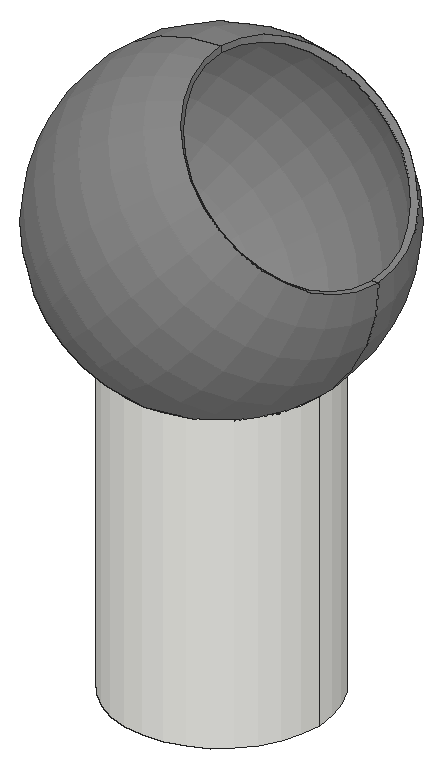
Revit family
Parameters (values of type "175 watt Metal Halide ")
  Wattage = 106.031 W
  built-in parameter 1150110 = 1 (stored number, unit not read)
  built-in parameter 1114217 = 1 (stored number, unit not read)
  built-in parameter 1150109 = 1 (stored number, unit not read)
  built-in parameter 1150134 = 3
  built-in parameter 1150113 = 1 (stored number, unit not read)
  built-in parameter 1150105 = 1253.3 (stored number, unit not read)
  built-in parameter 1150115 = 1 (stored number, unit not read)
  Light Source Symbol Size = 609.6 mm
  built-in parameter 1150137 = (empty or 0)
  built-in parameter 1150139 = (empty or 0)
  built-in parameter 1150112 = 1 (stored number, unit not read)
  built-in parameter 1150114 = 1 (stored number, unit not read)
  Lamp = "BT-28"
  Lumens = 15750 lm
  Material Shade = Metal - Paint Finish - Dark Gray,Matte
  Material Stand = Metal - Paint Finish - Ivory,Glossy
  Wattage Comments = "175"
  Keynote = "V"
  built-in parameter 1150132 = 2
  built-in parameter 1150102 = (empty or 0)
  built-in parameter 1150107 = 3200 (stored number, unit not read)
  built-in parameter 1150138 = (empty or 0)
  built-in parameter 1150106 = 12.533 (stored number, unit not read)
  built-in parameter 1150104 = 13.8 (stored number, unit not read)
  Dimming Lamp Color Temperature Shift = (empty or 0)
  Color Filter = 16777215
  built-in parameter 1114218 = 1 (stored number, unit not read)
  built-in parameter 1150133 = 10 (stored number, unit not read)
Types (3, lengths in mm): name | Wattage | built-in parameter 1150105 | Lamp | Lumens | Material Shade | Wattage Comments | built-in parameter 1150106
  (no name) | 106.031 W | 1253.3 (stored number, unit not read) | "BT-28" | 15750 lm | Metal - Paint Finish - Dark Gray,Matte | "175" | 12.533 (stored number, unit not read)
  300 watt Incandescent | 36.3534 W | 429.72 (stored number, unit not read) | "PS-30" | 5400 lm | Metal - Paint Finish - Ivory,Glossy | "300" | 4.2972 (stored number, unit not read)
  175 watt Metal Halide | 106.031 W | 1253.3 (stored number, unit not read) | "BT-28" | 15750 lm | Metal - Paint Finish - Dark Gray,Matte | "175" | 12.533 (stored number, unit not read)
Reference planes
  plane 1 "Light Source Axis": y = 0
  plane 2: z = 0
  plane 3 "Light Source Axis": x = 0
  plane 4 "Light Source Elevation": z = 431.8
Forms (mm)
  Extrusion 1, solid, material "Metal - Paint Finish - Ivory,Glossy" <- "Material Stand"
    sketch origin (0, 0, 0) x (1, 0, 0) y (0, 1, 0)
      loop
        circle (0, 0) r 101.6
      loop
        circle (0, 0) r 76.2
    from 0 to 304.8
  Revolve 2, solid, material "Metal - Paint Finish - Dark Gray,Matte" <- "Material Shade"
    sketch origin (0, 0, 0) x (1, 0, 0) y (0, 0, 1)
      loop
        arc (0, 594.439) -> (-150.259, 494.039) -> (-115.003, 316.797) r 162.639
        line (-115.003, 316.797) -> (-110.513, 321.287)
        arc (-110.513, 321.287) -> (-144.393, 491.609) -> (0, 588.089) r 156.289
        line (0, 588.089) -> (0, 594.439)
      axis (-115.003, 316.797) -> (81.32, 513.12)
    angle from 0 to 360
Lines and regions (mm)
  symbolic lines
    curve 1: arc (163.606, 0, 0) -> (0, 163.606, 0) -> (-163.606, 0, 0) r 163.606
    curve 2: arc (-163.606, 0, 0) -> (0, -163.606, 0) -> (163.606, 0, 0) r 163.606
    curve 3: line (0, 26.672, 0) -> (200.224, 142.272, 0)
    curve 4: line (0, -22.013, 0) -> (198.998, -136.905, 0)
    curve 5: line (0, 26.672, 0) -> (0, -22.013, 0)
    curve 6: arc (200.224, 142.272, 0) -> (249.229, 2.466, 0) -> (198.998, -136.905, 0) r 221.16
Dimensions and locks
  aligned and locked: plane 3 "Light Source Axis" to imposter light
  aligned and locked: plane 1 "Light Source Axis" to imposter light
  aligned and locked: plane 4 "Light Source Elevation" to imposter light
